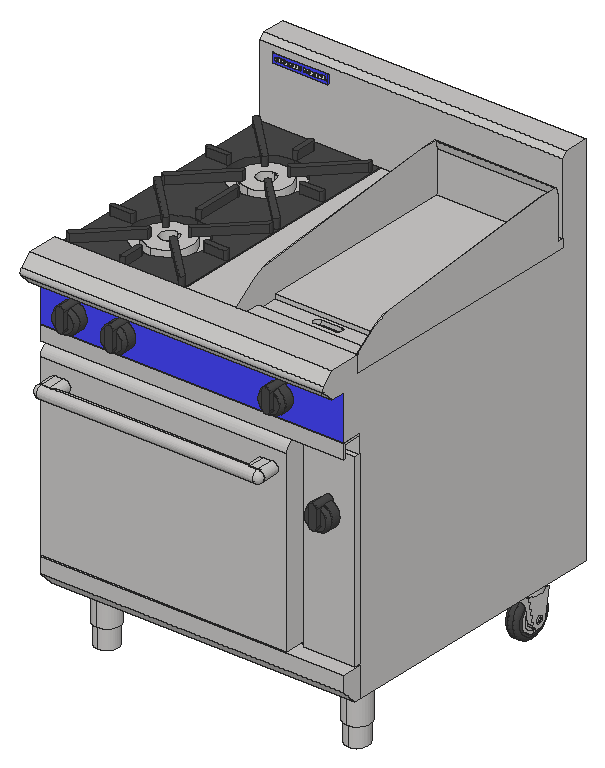
Revit family "QF_MOFFAT_BLUESEAL_CE_GE54C", category Specialty Equipment, Revit 2012
Parameters
  Width = 750 mm  # constant formula
  Weight in Pounds = 425
  Watts = 5600 W
  Volts = 400 V
  URL Cutsheet = "www.moffat.com"
  URL = "www.moffat.com"
  Type Mark [instance] = ""
  Status [instance] = ""
  Specification by User [instance] = ""
  Specification by Manufacturer = ""
  Show Logo [instance] = yes
  Show Clearance [instance] = yes
  Show Casters [instance] = yes
  Serial Number = ""
  Seismic Rating = ""
  SMACNA No = ""
  Revision Code [instance] = ""
  Phase = 3
  Omniclass Number and Title = ""
  Number of Poles [instance] = 1
  NAFEM Spec ID Number = ""
  Model = "GE54C"
  Min Ckt Ampacity = 0 A
  Mechanical Remarks [instance] = ""
  Mechanical Connection Type [instance] = ""
  Max Overcurrent Protection = 0 A
  Masterspec = ""
  Manufacturer = "MOFFAT BLUESEAL"
  Legs [instance] = not(Show Casters)  # no
  Item Number [instance] = ""
  Installed By [instance] = ""
  Identify Quantity as Lot [instance] = yes
  Height = 1085 mm  # constant formula
  HP = ""
  Gas Size = 3/4"
  Gas RI Height [instance] = 0 mm
  Gas KW = 21.1
  Gas Input [instance] = 72034.0 Btu/h
  Gas Connection Height = 0 mm
  Furnished By [instance] = ""
  Foodservice Equipment Identifier [instance] = yes
  FL Amps = 7.8 A
  Electrical Remarks = "7.8A PER PHASE"
  Electric Connection Type = ""
  Elec Conn RI Height = 0 mm
  Elec Conn Connection Height = 0 mm
  Description = "750MM GAS RANGE WITH ELECTRIC CONVECTION OVEN"
  Depth = 812 mm  # constant formula
  Cycle = 50 Hz
  Conn Plug = ""
  Conn Conduit = yes
  CSI MasterFormat = ""
  CSI Master Format = ""
  Apparent Power = 0 VA
Reference planes
  plane 1 "BACK": y = 0
  plane 2: z = 0
  plane 3 "LEFT": x = 0
  plane 4 "RIGHT": x = 750
  plane 5 "FRONT": y = -812
  plane 6 "TOP": z = 970
  plane 7 "Center Y": x = 375
  plane 8 "Center X": y = -406
  plane 9: y = -100
  plane 10 "Base Height": z = 150
  plane 11: x = 65.8
  plane 12: x = 620
  plane 13: x = 685
  plane 14: y = -500
  plane 15: x = 676
  plane 16: z = 1085
Forms (mm)
  Extrusion 1, solid, material "QF_Finishes_Stainless Steel"
    sketch origin (0, 0, 0) x (0, 1, 0) y (0, 0, 1)
      loop
        line (-784.97, 850) -> (-749, 850) -> (-749, 740) -> (-699, 740) -> (-699, 150) -> (0, 150) -> (0, 1085) -> (-57.5, 1085) -> (-70, 1072.5) -> (-70, 875) -> (-705, 875) -> (-705, 915) -> (-783.97, 915) -> (-808.469, 890.501)
        arc (-808.469, 890.501) -> (-811.99, 882) -> (-808.469, 873.499) r 12.022
        line (-808.469, 873.499) -> (-784.97, 850)
    from 0 to 750
  Extrusion 2, solid, material "QF_Finishes_Stainless Steel"
    sketch origin (555.062, 3, 100) x (1, 0, 0) y (0, 1, 0)
      loop
        circle (65, -35) r 13.5
    from 555 to 640
  Revolve 3, solid, material "QF_Finishes_Stainless Steel"
    sketch origin (65, -728, 0) x (0, 1, 0) y (0, 0, 1)
      loop
        line (71.25, 150) -> (71.25, 50) -> (75.5, 50) -> (75.5, 0) -> (103, 0) -> (103, 150) -> (71.25, 150)
      axis (103, 150) -> (103, 0)
    angle from 0 to 360
  Extrusion 4, solid, material "QF_Finishes_Black"
    sketch origin (0, -70, 875) x (0, -1, 0) y (1, 0, 0)
      loop
        arc (1, 4) -> (1.879, 1.879) -> (4, 1) r 3
        line (4, 1) -> (632, 1)
        arc (632, 1) -> (634.121, 1.879) -> (635, 4) r 3
        line (635, 4) -> (635, 297)
        arc (635, 297) -> (634.121, 299.121) -> (632, 300) r 3
        line (632, 300) -> (4, 300)
        arc (4, 300) -> (1.879, 299.121) -> (1, 297) r 3
        line (1, 297) -> (1, 4)
      loop
        circle (167.5, 150) r 85
      loop
        circle (467.768, 150) r 85
    from 0 to 19.5
  Extrusion 5, solid, material "QF_Finishes_Black"
    sketch origin (0, -73.5, 894.5) x (0, -1, 0) y (1, 0, 0)
      loop
        spline (323.602, 15.153) -> (322.681, 13.924) -> (322.131, 12.47) -> (321.99, 10.89) -> (322.267, 9.292) -> (322.943, 7.786) -> (323.973, 6.473) -> (325.286, 5.443) -> (326.792, 4.767) -> (328.39, 4.49) -> (329.97, 4.631) -> (331.424, 5.181) -> (332.653, 6.102)
        line (332.653, 6.102) -> (440.576, 114.025)
        spline (440.576, 114.025) -> (441.337, 115.095) -> (441.738, 116.399) -> (441.751, 117.851) -> (441.375, 119.35) -> (440.637, 120.795) -> (439.586, 122.086) -> (438.295, 123.137) -> (436.85, 123.875) -> (435.351, 124.251) -> (433.899, 124.238) -> (432.595, 123.837) -> (431.525, 123.076)
        line (431.525, 123.076) -> (323.602, 15.153)
      loop
        spline (371.852, 143.6) -> (373.146, 143.818) -> (374.352, 144.457) -> (375.388, 145.475) -> (376.182, 146.8) -> (376.682, 148.344) -> (376.852, 150) -> (376.682, 151.656) -> (376.182, 153.2) -> (375.388, 154.525) -> (374.352, 155.543) -> (373.146, 156.182) -> (371.852, 156.4)
        line (371.852, 156.4) -> (259.398, 156.4)
        spline (259.398, 156.4) -> (258.104, 156.182) -> (256.898, 155.543) -> (255.862, 154.525) -> (255.068, 153.2) -> (254.568, 151.656) -> (254.398, 150) -> (254.568, 148.344) -> (255.068, 146.8) -> (255.862, 145.475) -> (256.898, 144.457) -> (258.104, 143.818) -> (259.398, 143.6)
        line (259.398, 143.6) -> (371.852, 143.6)
      loop
        line (311.398, 15.153) -> (203.475, 123.076)
        spline (203.475, 123.076) -> (202.405, 123.837) -> (201.101, 124.238) -> (199.649, 124.251) -> (198.15, 123.875) -> (196.705, 123.137) -> (195.414, 122.086) -> (194.363, 120.795) -> (193.625, 119.35) -> (193.249, 117.851) -> (193.262, 116.399) -> (193.663, 115.095) -> (194.424, 114.025)
        line (194.424, 114.025) -> (302.347, 6.102)
        spline (302.347, 6.102) -> (303.416, 5.341) -> (304.721, 4.941) -> (306.172, 4.928) -> (307.671, 5.303) -> (309.116, 6.041) -> (310.408, 7.092) -> (311.459, 8.384) -> (312.197, 9.829) -> (312.572, 11.328) -> (312.559, 12.779) -> (312.159, 14.084) -> (311.398, 15.153)
      loop
        line (323.602, 284.847) -> (431.525, 176.924)
        spline (431.525, 176.924) -> (432.595, 176.163) -> (433.899, 175.762) -> (435.351, 175.749) -> (436.85, 176.125) -> (438.295, 176.863) -> (439.586, 177.914) -> (440.637, 179.205) -> (441.375, 180.65) -> (441.751, 182.149) -> (441.738, 183.601) -> (441.337, 184.905) -> (440.576, 185.975)
        line (440.576, 185.975) -> (332.653, 293.898)
        spline (332.653, 293.898) -> (331.424, 294.819) -> (329.97, 295.369) -> (328.39, 295.51) -> (326.792, 295.233) -> (325.286, 294.557) -> (323.973, 293.527) -> (322.943, 292.214) -> (322.267, 290.708) -> (321.99, 289.11) -> (322.131, 287.53) -> (322.681, 286.076) -> (323.602, 284.847)
      loop
        spline (311.398, 284.847) -> (312.159, 285.916) -> (312.559, 287.221) -> (312.572, 288.672) -> (312.197, 290.171) -> (311.459, 291.616) -> (310.408, 292.908) -> (309.116, 293.959) -> (307.671, 294.697) -> (306.172, 295.072) -> (304.721, 295.059) -> (303.416, 294.659) -> (302.347, 293.898)
        line (302.347, 293.898) -> (194.424, 185.975)
        spline (194.424, 185.975) -> (193.663, 184.905) -> (193.262, 183.601) -> (193.249, 182.149) -> (193.625, 180.65) -> (194.363, 179.205) -> (195.414, 177.914) -> (196.705, 176.863) -> (198.15, 176.125) -> (199.649, 175.749) -> (201.101, 175.762) -> (202.405, 176.163) -> (203.475, 176.924)
        line (203.475, 176.924) -> (311.398, 284.847)
      loop
        spline (73.549, 143.6) -> (74.844, 143.818) -> (76.049, 144.457) -> (77.085, 145.475) -> (77.88, 146.8) -> (78.379, 148.344) -> (78.549, 150) -> (78.379, 151.656) -> (77.88, 153.2) -> (77.085, 154.525) -> (76.049, 155.543) -> (74.844, 156.182) -> (73.549, 156.4)
        line (73.549, 156.4) -> (25.093, 156.4)
        spline (25.093, 156.4) -> (23.799, 156.182) -> (22.593, 155.543) -> (21.558, 154.525) -> (20.763, 153.2) -> (20.264, 151.656) -> (20.093, 150) -> (20.264, 148.344) -> (20.763, 146.8) -> (21.558, 145.475) -> (22.593, 144.457) -> (23.799, 143.818) -> (25.093, 143.6)
        line (25.093, 143.6) -> (73.549, 143.6)
      loop
        spline (608.1, 143.6) -> (609.394, 143.818) -> (610.6, 144.457) -> (611.636, 145.475) -> (612.43, 146.8) -> (612.93, 148.344) -> (613.1, 150) -> (612.93, 151.656) -> (612.43, 153.2) -> (611.636, 154.525) -> (610.6, 155.543) -> (609.394, 156.182) -> (608.1, 156.4)
        line (608.1, 156.4) -> (558.644, 156.4)
        spline (558.644, 156.4) -> (557.35, 156.182) -> (556.144, 155.543) -> (555.108, 154.525) -> (554.314, 153.2) -> (553.814, 151.656) -> (553.644, 150) -> (553.814, 148.344) -> (554.314, 146.8) -> (555.108, 145.475) -> (556.144, 144.457) -> (557.35, 143.818) -> (558.644, 143.6)
        line (558.644, 143.6) -> (608.1, 143.6)
      loop
        spline (457.6, 10.156) -> (457.818, 8.862) -> (458.457, 7.656) -> (459.475, 6.62) -> (460.8, 5.826) -> (462.344, 5.326) -> (464, 5.156) -> (465.656, 5.326) -> (467.2, 5.826) -> (468.525, 6.62) -> (469.543, 7.656) -> (470.182, 8.862) -> (470.4, 10.156)
        line (470.4, 10.156) -> (470.4, 58.612)
        spline (470.4, 58.612) -> (470.182, 59.906) -> (469.543, 61.112) -> (468.525, 62.148) -> (467.2, 62.942) -> (465.656, 63.442) -> (464, 63.612) -> (462.344, 63.442) -> (460.8, 62.942) -> (459.475, 62.148) -> (458.457, 61.112) -> (457.818, 59.906) -> (457.6, 58.612)
        line (457.6, 58.612) -> (457.6, 10.156)
      loop
        spline (160.966, 10.156) -> (161.184, 8.862) -> (161.823, 7.656) -> (162.841, 6.62) -> (164.166, 5.826) -> (165.71, 5.326) -> (167.366, 5.156) -> (169.022, 5.326) -> (170.566, 5.826) -> (171.892, 6.62) -> (172.909, 7.656) -> (173.548, 8.862) -> (173.766, 10.156)
        line (173.766, 10.156) -> (173.766, 58.612)
        spline (173.766, 58.612) -> (173.548, 59.906) -> (172.909, 61.112) -> (171.892, 62.148) -> (170.566, 62.942) -> (169.022, 63.442) -> (167.366, 63.612) -> (165.71, 63.442) -> (164.166, 62.942) -> (162.841, 62.148) -> (161.823, 61.112) -> (161.184, 59.906) -> (160.966, 58.612)
        line (160.966, 58.612) -> (160.966, 10.156)
      loop
        spline (457.6, 241.636) -> (457.818, 240.342) -> (458.457, 239.136) -> (459.475, 238.1) -> (460.8, 237.306) -> (462.344, 236.806) -> (464, 236.636) -> (465.656, 236.806) -> (467.2, 237.306) -> (468.525, 238.1) -> (469.543, 239.136) -> (470.182, 240.342) -> (470.4, 241.636)
        line (470.4, 241.636) -> (470.4, 290.092)
        spline (470.4, 290.092) -> (470.182, 291.386) -> (469.543, 292.592) -> (468.525, 293.628) -> (467.2, 294.422) -> (465.656, 294.922) -> (464, 295.092) -> (462.344, 294.922) -> (460.8, 294.422) -> (459.475, 293.628) -> (458.457, 292.592) -> (457.818, 291.386) -> (457.6, 290.092)
        line (457.6, 290.092) -> (457.6, 241.636)
      loop
        spline (160.966, 241.636) -> (161.184, 240.342) -> (161.823, 239.136) -> (162.841, 238.1) -> (164.166, 237.306) -> (165.71, 236.806) -> (167.366, 236.636) -> (169.022, 236.806) -> (170.566, 237.306) -> (171.892, 238.1) -> (172.909, 239.136) -> (173.548, 240.342) -> (173.766, 241.636)
        line (173.766, 241.636) -> (173.766, 290.092)
        spline (173.766, 290.092) -> (173.548, 291.386) -> (172.909, 292.592) -> (171.892, 293.628) -> (170.566, 294.422) -> (169.022, 294.922) -> (167.366, 295.092) -> (165.71, 294.922) -> (164.166, 294.422) -> (162.841, 293.628) -> (161.823, 292.592) -> (161.184, 291.386) -> (160.966, 290.092)
        line (160.966, 290.092) -> (160.966, 241.636)
      loop
        line (604.398, 15.153) -> (496.475, 123.076)
        spline (496.475, 123.076) -> (495.405, 123.837) -> (494.101, 124.238) -> (492.649, 124.251) -> (491.15, 123.875) -> (489.705, 123.137) -> (488.414, 122.086) -> (487.363, 120.795) -> (486.625, 119.35) -> (486.249, 117.851) -> (486.262, 116.399) -> (486.663, 115.095) -> (487.424, 114.025)
        line (487.424, 114.025) -> (595.347, 6.102)
        spline (595.347, 6.102) -> (596.576, 5.181) -> (598.03, 4.631) -> (599.61, 4.49) -> (601.208, 4.767) -> (602.714, 5.443) -> (604.027, 6.473) -> (605.057, 7.786) -> (605.733, 9.292) -> (606.01, 10.89) -> (605.869, 12.47) -> (605.319, 13.924) -> (604.398, 15.153)
      loop
        spline (604.398, 284.847) -> (605.319, 286.076) -> (605.869, 287.53) -> (606.01, 289.11) -> (605.733, 290.708) -> (605.057, 292.214) -> (604.027, 293.527) -> (602.714, 294.557) -> (601.208, 295.233) -> (599.61, 295.51) -> (598.03, 295.369) -> (596.576, 294.819) -> (595.347, 293.898)
        line (595.347, 293.898) -> (487.424, 185.975)
        spline (487.424, 185.975) -> (486.663, 184.905) -> (486.262, 183.601) -> (486.249, 182.149) -> (486.625, 180.65) -> (487.363, 179.205) -> (488.414, 177.914) -> (489.705, 176.863) -> (491.15, 176.125) -> (492.649, 175.749) -> (494.101, 175.762) -> (495.405, 176.163) -> (496.475, 176.924)
        line (496.475, 176.924) -> (604.398, 284.847)
      loop
        spline (16.602, 15.153) -> (15.841, 14.084) -> (15.441, 12.779) -> (15.428, 11.328) -> (15.803, 9.829) -> (16.541, 8.384) -> (17.592, 7.092) -> (18.884, 6.041) -> (20.329, 5.303) -> (21.828, 4.928) -> (23.279, 4.941) -> (24.584, 5.341) -> (25.653, 6.102)
        line (25.653, 6.102) -> (133.576, 114.025)
        spline (133.576, 114.025) -> (134.337, 115.095) -> (134.738, 116.399) -> (134.751, 117.851) -> (134.375, 119.35) -> (133.637, 120.795) -> (132.586, 122.086) -> (131.295, 123.137) -> (129.85, 123.875) -> (128.351, 124.251) -> (126.899, 124.238) -> (125.595, 123.837) -> (124.525, 123.076)
        line (124.525, 123.076) -> (16.602, 15.153)
      loop
        line (16.602, 284.847) -> (124.525, 176.924)
        spline (124.525, 176.924) -> (125.595, 176.163) -> (126.899, 175.762) -> (128.351, 175.749) -> (129.85, 176.125) -> (131.295, 176.863) -> (132.586, 177.914) -> (133.637, 179.205) -> (134.375, 180.65) -> (134.751, 182.149) -> (134.738, 183.601) -> (134.337, 184.905) -> (133.576, 185.975)
        line (133.576, 185.975) -> (25.653, 293.898)
        spline (25.653, 293.898) -> (24.584, 294.659) -> (23.279, 295.059) -> (21.828, 295.072) -> (20.329, 294.697) -> (18.884, 293.959) -> (17.592, 292.908) -> (16.541, 291.616) -> (15.803, 290.171) -> (15.428, 288.672) -> (15.441, 287.221) -> (15.841, 285.916) -> (16.602, 284.847)
    from 0 to 20.5
  Revolve 6, solid, material "QF_Finishes_Stainless Steel"
    sketch origin (685, -728, 0) x (0, 1, 0) y (0, 0, -1)
      loop
        line (71.25, -150) -> (103, -150) -> (103, 0) -> (75.5, 0) -> (75.5, -50) -> (71.25, -50) -> (71.25, -150)
      axis (103, -150) -> (103, 0)
    angle from 0 to 360
  Extrusion 7, solid, material "QF_Finishes_Stainless Steel"
    sketch origin (0, -70, 875) x (0, -1, 0) y (1, 0, 0)
      loop
        line (634, 300) -> (634, 450) -> (0, 450) -> (0, 300) -> (634, 300)
    from 0 to 19.5
  Extrusion 8, void
    sketch origin (0, -749, 227.5) x (0, 0, -1) y (-1, 0, 0)
      loop
        line (-465, -610) -> (-465, -625) -> (0, -625) -> (0, -610) -> (-465, -610)
    from -7 to 50
  Revolve 9, solid, material "QF_Finishes_Black"
    sketch origin (210, 7, 758.895) x (0, -1, 0) y (0, 0, 1)
      loop
        line (789, 69.605) -> (766, 69.605) -> (766, 42.105) -> (756, 42.105) -> (756, 37.105) -> (800, 37.105) -> (800, 63.757) -> (789, 69.605)
      axis (800, 37.105) -> (756, 37.105)
    angle from 0 to 360
  Revolve 10, solid, material "QF_Finishes_Black"
    sketch origin (89.999, 7, 758.768) x (0, 1, 0) y (0, 0, -1)
      loop
        line (-789, -69.5) -> (-766, -69.5) -> (-766, -42) -> (-756, -42) -> (-756, -37) -> (-800, -37) -> (-800, -63.651) -> (-789, -69.5)
      axis (-800, -37) -> (-756, -37)
    angle from 0 to 360
  Extrusion 11, solid, material "QF_Finishes_Black"
    sketch origin (228.269, 7, 758.926) x (-1, 0, 0) y (0, 0, -1)
      loop
        arc (148.269, -24.969) -> (138.269, -14.969) -> (128.269, -24.969) r 10
        line (128.269, -24.969) -> (128.269, -63.969)
        arc (128.269, -63.969) -> (138.269, -73.969) -> (148.269, -63.969) r 10
        line (148.269, -63.969) -> (148.269, -24.969)
    from 759 to 808
  Extrusion 12, solid, material "QF_Finishes_Black"
    sketch origin (349.45, 7, 758.926) x (-1, 0, 0) y (0, 0, -1)
      loop
        arc (148.269, -24.969) -> (138.269, -14.969) -> (128.269, -24.969) r 10
        line (128.269, -24.969) -> (128.269, -63.969)
        arc (128.269, -63.969) -> (138.269, -73.969) -> (148.269, -63.969) r 10
        line (148.269, -63.969) -> (148.269, -24.969)
    from 759 to 808
  Revolve 13, solid, material "QF_Finishes_Black"
    sketch origin (600.3, 7, 758.768) x (0, 1, 0) y (0, 0, 1)
      loop
        line (-789, 69.5) -> (-800, 63.651) -> (-800, 37) -> (-756, 37) -> (-756, 42) -> (-766, 42) -> (-766, 69.5) -> (-789, 69.5)
      axis (-800, 37) -> (-756, 37)
    angle from 0 to 360
  Extrusion 14, solid, material "QF_Finishes_Black"
    sketch origin (462.03, 7, 758.926) x (1, 0, 0) y (0, 0, 1)
      loop
        line (148.269, 24.969) -> (148.269, 63.969)
        arc (148.269, 63.969) -> (138.269, 73.969) -> (128.269, 63.969) r 10
        line (128.269, 63.969) -> (128.269, 24.969)
        arc (128.269, 24.969) -> (138.269, 14.969) -> (148.269, 24.969) r 10
    from 759 to 808
  Revolve 15, solid, material "QF_Finishes_Black"
    sketch origin (687.53, 42.5, 355.134) x (0, 1, 0) y (0, 0, 1)
      loop
        line (-789, 229.5) -> (-800, 223.651) -> (-800, 197) -> (-756, 197) -> (-756, 202) -> (-766, 202) -> (-766, 229.5) -> (-789, 229.5)
      axis (-800, 197) -> (-756, 197)
    angle from 0 to 360
  Extrusion 16, solid, material "QF_Finishes_Black"
    sketch origin (549.26, 42.5, 355.292) x (1, 0, 0) y (0, 0, 1)
      loop
        line (148.269, 184.969) -> (148.269, 223.969)
        arc (148.269, 223.969) -> (138.269, 233.969) -> (128.269, 223.969) r 10
        line (128.269, 223.969) -> (128.269, 184.969)
        arc (128.269, 184.969) -> (138.269, 174.969) -> (148.269, 184.969) r 10
    from 759 to 808
  Extrusion 17, solid, material "QF_Door-Drawer Clearances", visible <- "Show Clearance", detail levels coarse
    sketch origin (0, 7, 0) x (0, -1, 0) y (0, 0, 1)
      loop
        line (756, 690.016) -> (756, 227.5) -> (1218.516, 227.5)
        arc (1218.516, 227.5) -> (1083.048, 554.548) -> (756, 690.016) r 462.516
    from 0 to -610
  Extrusion 18, void
    sketch origin (0, 0, 150) x (-1, 0, 0) y (0, -1, 0)
      loop
        line (-681, 87.26) -> (-681, -30.24) -> (-551.5, -30.24) -> (-551.5, 38.76) -> (-600, 87.26) -> (-681, 87.26)
    from 72.5 to 590
  Extrusion 19, void
    sketch origin (35, -749, 227.5) x (0, 0, -1) y (-1, 0, 0)
      loop
        line (-472.5, -590) -> (-472.5, -715) -> (0, -715) -> (0, -590) -> (-472.5, -590)
    from -7 to 35
  Extrusion 20, solid, material "QF_Finishes_Stainless Steel"
    sketch origin (0, -70, 875) x (0, -1, 0) y (1, 0, 0)
      loop
        circle (467.5, 150) r 57
      loop
        circle (167.5, 150) r 57
      loop
        circle (467.5, 150) r 22
      loop
        circle (167.5, 150) r 22
    from 0 to 19.5
  Extrusion 21, solid, material "QF_Finishes_Stainless Steel"
    sketch origin (0, -749, 227.5) x (0, 0, 1) y (-1, 0, 0)
      loop
        line (380.625, -38.246) -> (380.625, -58.528)
        arc (380.625, -58.528) -> (395.625, -73.528) -> (410.625, -58.528) r 15
        line (410.625, -58.528) -> (410.625, -38.246)
        arc (410.625, -38.246) -> (395.625, -23.246) -> (380.625, -38.246) r 15
      loop
        arc (380.625, -573.039) -> (395.625, -588.039) -> (410.625, -573.039) r 15
        line (410.625, -573.039) -> (410.625, -552.757)
        arc (410.625, -552.757) -> (395.625, -537.757) -> (380.625, -552.757) r 15
        line (380.625, -552.757) -> (380.625, -573.039)
    from 0 to 44
  Revolve 22, solid, material "QF_Finishes_Stainless Steel"
    sketch origin (0, -793, 0) x (1, 0, 0) y (0, 0, 1)
      loop
        arc (588.039, 623.125) -> (583.646, 633.732) -> (573.039, 638.125) r 15
        line (573.039, 638.125) -> (38.246, 638.125)
        arc (38.246, 638.125) -> (27.64, 633.732) -> (23.246, 623.125) r 15
        line (23.246, 623.125) -> (588.039, 623.125)
      axis (588.039, 623.125) -> (23.246, 623.125)
    angle from 0 to 360
  Extrusion 23, solid, material "QF_Finishes_Stainless Steel"
    sketch origin (0, 7, 0) x (0, 1, 0) y (0, 0, 1)
      loop
        line (-706, 227.5) -> (-706, 692.5) -> (-729.805, 692.5)
        arc (-729.805, 692.5) -> (-748.328, 684.828) -> (-756, 666.305) r 26.195
        line (-756, 666.305) -> (-756, 227.5) -> (-706, 227.5)
    from 0 to 750
  Extrusion 24, solid, material "QF_Finishes_Stainless Steel"
    sketch origin (0, 7, 0) x (0, 1, 0) y (0, 0, 1)
      loop
        line (-756, 738) -> (-756, 703) -> (-752.98, 703) -> (-752.98, 735) -> (-708, 735) -> (-708, 738) -> (-756, 738)
    from 0 to 750
  Extrusion 25, solid, material "QF_Finishes_Stainless Steel"
    sketch origin (0, 7, 0) x (0, 1, 0) y (0, 0, 1)
      loop
        line (-706, 222.5) -> (-756, 222.5) -> (-756, 186) -> (-720, 150) -> (-706, 150) -> (-706, 222.5)
    from 0 to 750
  Extrusion 26, solid, material "QF_Finishes_Stainless Steel"
    sketch origin (0, 0, 150) x (-1, 0, 0) y (0, -1, 0)
      loop
        circle (-676, 501) r 6.35
    from 0 to -1.6
  Extrusion 27, solid, material "QF_Finishes_Stainless Steel", visible <- "Show Casters"
    sketch origin (71.501, 133.353, -8.783) x (0, 1, 0) y (0, 0, 1)
      loop
        line (-201.603, 118.783) -> (-265.103, 118.783) -> (-252.746, 53.895)
        arc (-252.746, 53.895) -> (-233.353, 38.783) -> (-213.959, 53.895) r 20
        line (-213.959, 53.895) -> (-201.603, 118.783)
    from -35.667 to 22.923
  Revolve 28, solid, material "QF_Finishes_Stainless Steel", visible <- "Show Casters"
    sketch origin (65, -203, 0) x (0, 1, 0) y (0, 0, 1)
      loop
        line (67.25, 150) -> (67.25, 110) -> (103, 110) -> (103, 150) -> (67.25, 150)
      axis (103, 150) -> (103, 110)
    angle from 0 to 360
  Revolve 29, solid, material "QF_Finishes_Stainless Steel", visible <- "Show Casters"
    sketch origin (685, -203, 0) x (0, 1, 0) y (0, 0, -1)
      loop
        line (67.25, -150) -> (103, -150) -> (103, -110) -> (67.25, -110) -> (67.25, -150)
      axis (103, -150) -> (103, -110)
    angle from 0 to 360
  Revolve 30, solid, material "QF_Finishes_Stainless Steel", visible <- "Show Casters"
    sketch origin (635.776, -99.755, -13.653) x (1, 0, 0) y (0, 0, 1)
      loop
        line (14.841, 64.453) -> (83.584, 64.453) -> (83.584, 67.958) -> (82.314, 69.228) -> (80.79, 69.228) -> (80.79, 72.674) -> (68.644, 72.674) -> (68.644, 82.639) -> (65.088, 84.692) -> (63.738, 93.028) -> (65.881, 93.028) -> (65.881, 99.378) -> (65.088, 99.378) -> (65.088, 105.728)
        arc (65.088, 105.728) -> (62.298, 112.463) -> (55.563, 115.253) r 9.525
        line (55.563, 115.253) -> (42.863, 115.253)
        arc (42.863, 115.253) -> (36.127, 112.463) -> (33.338, 105.728) r 9.525
        line (33.338, 105.728) -> (33.338, 99.378) -> (32.544, 99.378) -> (32.544, 93.028) -> (34.687, 93.028) -> (33.352, 84.781) -> (29.782, 82.719) -> (29.782, 72.674) -> (17.635, 72.674) -> (17.635, 69.228) -> (16.111, 69.228) -> (14.841, 67.958) -> (14.841, 64.453)
      axis (14.841, 64.453) -> (83.584, 64.453)
    angle from 0 to 360
  Extrusion 31, solid, material "QF_Finishes_Stainless Steel", visible <- "Show Casters"
    sketch origin (691.501, 133.353, -8.783) x (0, 1, 0) y (0, 0, 1)
      loop
        line (-201.603, 118.783) -> (-265.103, 118.783) -> (-252.746, 53.895)
        arc (-252.746, 53.895) -> (-233.353, 38.783) -> (-213.959, 53.895) r 20
        line (-213.959, 53.895) -> (-201.603, 118.783)
    from -35.667 to 22.923
  Revolve 32, solid, material "QF_Finishes_Stainless Steel", visible <- "Legs"
    sketch origin (65, -165, 0) x (0, 1, 0) y (0, 0, 1)
      loop
        line (33.25, 150) -> (33.25, 50) -> (37.5, 50) -> (37.5, 0) -> (65, 0) -> (65, 150) -> (33.25, 150)
      axis (65, 150) -> (65, 0)
    angle from 0 to 360
  Revolve 33, solid, material "QF_Finishes_Stainless Steel", visible <- "Legs"
    sketch origin (685, -165, 0) x (0, 1, 0) y (0, 0, -1)
      loop
        line (33.25, -150) -> (65, -150) -> (65, 0) -> (37.5, 0) -> (37.5, -50) -> (33.25, -50) -> (33.25, -150)
      axis (65, -150) -> (65, 0)
    angle from 0 to 360
  Revolve 34, solid, material "QF_Finishes_Stainless Steel", visible <- "Show Casters"
    sketch origin (114.224, -99.755, -13.653) x (-1, 0, 0) y (0, 0, -1)
      loop
        line (14.841, -64.453) -> (14.841, -67.958) -> (16.111, -69.228) -> (17.635, -69.228) -> (17.635, -72.674) -> (29.782, -72.674) -> (29.782, -82.719) -> (33.352, -84.781) -> (34.687, -93.028) -> (32.544, -93.028) -> (32.544, -99.378) -> (33.338, -99.378) -> (33.338, -105.728)
        arc (33.338, -105.728) -> (36.127, -112.463) -> (42.863, -115.253) r 9.525
        line (42.863, -115.253) -> (55.563, -115.253)
        arc (55.563, -115.253) -> (62.298, -112.463) -> (65.088, -105.728) r 9.525
        line (65.088, -105.728) -> (65.088, -99.378) -> (65.881, -99.378) -> (65.881, -93.028) -> (63.738, -93.028) -> (65.088, -84.692) -> (68.644, -82.639) -> (68.644, -72.674) -> (80.79, -72.674) -> (80.79, -69.228) -> (82.314, -69.228) -> (83.584, -67.958) -> (83.584, -64.453) -> (14.841, -64.453)
      axis (14.841, -64.453) -> (83.584, -64.453)
    angle from 0 to 360
Cuts and joins
  Extrusion 8, Extrusion 18, Extrusion 19 cuts Extrusion 1
  Extrusion 8, Extrusion 19 cuts Extrusion 23
Lines and regions (mm)
  Split face 1
    outline origin (0, -70, 894.5) x (0, -1, 0) y (1, 0, 0)
      loop
        circle (45.037, 327.576) r 8
  Split face 2
    outline origin (47.424, -70, 894.5) x (0, -1, 0) y (1, 0, 0)
      loop
        circle (45.037, 327.576) r 8
  Split face 3
    outline origin (750, -70, 894.5) x (0, -1, 0) y (1, 0, 0)
      loop
        circle (45.037, -327.576) r 8
  Split face 4
    outline origin (0, -104, 894.5) x (0, -1, 0) y (1, 0, 0)
      loop
        circle (45.037, 327.576) r 8
  Split face 5
    outline origin (47.424, -104, 894.5) x (0, -1, 0) y (1, 0, 0)
      loop
        circle (45.037, 327.576) r 8
  Split face 6
    outline origin (750, -104, 894.5) x (0, -1, 0) y (1, 0, 0)
      loop
        circle (45.037, -327.576) r 8
  Split face 7
    outline origin (0, -138, 894.5) x (0, -1, 0) y (1, 0, 0)
      loop
        circle (45.037, 327.576) r 8
  Split face 8
    outline origin (47.424, -138, 894.5) x (0, -1, 0) y (1, 0, 0)
      loop
        circle (45.037, 327.576) r 8
  Split face 9
    outline origin (750, -138, 894.5) x (0, -1, 0) y (1, 0, 0)
      loop
        circle (45.037, -327.576) r 8
  Split face 10
    outline origin (0, -172, 894.5) x (0, -1, 0) y (1, 0, 0)
      loop
        circle (45.037, 327.576) r 8
  Split face 11
    outline origin (47.424, -172, 894.5) x (0, -1, 0) y (1, 0, 0)
      loop
        circle (45.037, 327.576) r 8
  Split face 12
    outline origin (750, -172, 894.5) x (0, -1, 0) y (1, 0, 0)
      loop
        circle (45.037, -327.576) r 8
  Split face 13
    outline origin (0, -206, 894.5) x (0, -1, 0) y (1, 0, 0)
      loop
        circle (45.037, 327.576) r 8
  Split face 14
    outline origin (47.424, -206, 894.5) x (0, -1, 0) y (1, 0, 0)
      loop
        circle (45.037, 327.576) r 8
  Split face 15
    outline origin (750, -206, 894.5) x (0, -1, 0) y (1, 0, 0)
      loop
        circle (45.037, -327.576) r 8
  Split face 16
    outline origin (0, -240, 894.5) x (0, -1, 0) y (1, 0, 0)
      loop
        circle (45.037, 327.576) r 8
  Split face 17
    outline origin (47.424, -240, 894.5) x (0, -1, 0) y (1, 0, 0)
      loop
        circle (45.037, 327.576) r 8
  Split face 18
    outline origin (750, -240, 894.5) x (0, -1, 0) y (1, 0, 0)
      loop
        circle (45.037, -327.576) r 8
  Split face 19
    outline origin (0, -274, 894.5) x (0, -1, 0) y (1, 0, 0)
      loop
        circle (45.037, 327.576) r 8
  Split face 20
    outline origin (47.424, -274, 894.5) x (0, -1, 0) y (1, 0, 0)
      loop
        circle (45.037, 327.576) r 8
  Split face 21
    outline origin (750, -274, 894.5) x (0, -1, 0) y (1, 0, 0)
      loop
        circle (45.037, -327.576) r 8
  Split face 22
    outline origin (0, -308, 894.5) x (0, -1, 0) y (1, 0, 0)
      loop
        circle (45.037, 327.576) r 8
  Split face 23
    outline origin (47.424, -308, 894.5) x (0, -1, 0) y (1, 0, 0)
      loop
        circle (45.037, 327.576) r 8
  Split face 24
    outline origin (750, -308, 894.5) x (0, -1, 0) y (1, 0, 0)
      loop
        circle (45.037, -327.576) r 8
  Split face 25
    outline origin (0, -342, 894.5) x (0, -1, 0) y (1, 0, 0)
      loop
        circle (45.037, 327.576) r 8
  Split face 26
    outline origin (47.424, -342, 894.5) x (0, -1, 0) y (1, 0, 0)
      loop
        circle (45.037, 327.576) r 8
  Split face 27
    outline origin (750, -342, 894.5) x (0, -1, 0) y (1, 0, 0)
      loop
        circle (45.037, -327.576) r 8
  Split face 28
    outline origin (0, -376, 894.5) x (0, -1, 0) y (1, 0, 0)
      loop
        circle (45.037, 327.576) r 8
  Split face 29
    outline origin (47.424, -376, 894.5) x (0, -1, 0) y (1, 0, 0)
      loop
        circle (45.037, 327.576) r 8
  Split face 30
    outline origin (750, -376, 894.5) x (0, -1, 0) y (1, 0, 0)
      loop
        circle (45.037, -327.576) r 8
  Split face 31
    outline origin (0, -410, 894.5) x (0, -1, 0) y (1, 0, 0)
      loop
        circle (45.037, 327.576) r 8
  Split face 32
    outline origin (47.424, -410, 894.5) x (0, -1, 0) y (1, 0, 0)
      loop
        circle (45.037, 327.576) r 8
  Split face 33
    outline origin (750, -410, 894.5) x (0, -1, 0) y (1, 0, 0)
      loop
        circle (45.037, -327.576) r 8
  Split face 34
    outline origin (0, -444, 894.5) x (0, -1, 0) y (1, 0, 0)
      loop
        circle (45.037, 327.576) r 8
  Split face 35
    outline origin (47.424, -444, 894.5) x (0, -1, 0) y (1, 0, 0)
      loop
        circle (45.037, 327.576) r 8
  Split face 36
    outline origin (750, -444, 894.5) x (0, -1, 0) y (1, 0, 0)
      loop
        circle (45.037, -327.576) r 8
  Split face 37
    outline origin (0, -478, 894.5) x (0, -1, 0) y (1, 0, 0)
      loop
        circle (45.037, 327.576) r 8
  Split face 38
    outline origin (47.424, -478, 894.5) x (0, -1, 0) y (1, 0, 0)
      loop
        circle (45.037, 327.576) r 8
  Split face 39
    outline origin (750, -478, 894.5) x (0, -1, 0) y (1, 0, 0)
      loop
        circle (45.037, -327.576) r 8
  Split face 40
    outline origin (0, -512, 894.5) x (0, -1, 0) y (1, 0, 0)
      loop
        circle (45.037, 327.576) r 8
  Split face 41
    outline origin (47.424, -512, 894.5) x (0, -1, 0) y (1, 0, 0)
      loop
        circle (45.037, 327.576) r 8
  Split face 42
    outline origin (750, -512, 894.5) x (0, -1, 0) y (1, 0, 0)
      loop
        circle (45.037, -327.576) r 8
  Split face 43
    outline origin (0, -546, 894.5) x (0, -1, 0) y (1, 0, 0)
      loop
        circle (45.037, 327.576) r 8
  Split face 44
    outline origin (47.424, -546, 894.5) x (0, -1, 0) y (1, 0, 0)
      loop
        circle (45.037, 327.576) r 8
  Split face 45
    outline origin (750, -546, 894.5) x (0, -1, 0) y (1, 0, 0)
      loop
        circle (45.037, -327.576) r 8
  Split face 46
    outline origin (0, -580, 894.5) x (0, -1, 0) y (1, 0, 0)
      loop
        circle (45.037, 327.576) r 8
  Split face 47
    outline origin (47.424, -580, 894.5) x (0, -1, 0) y (1, 0, 0)
      loop
        circle (45.037, 327.576) r 8
  Split face 48
    outline origin (750, -580, 894.5) x (0, -1, 0) y (1, 0, 0)
      loop
        circle (45.037, -327.576) r 8
  Split face 49
    outline origin (0, -614, 894.5) x (0, -1, 0) y (1, 0, 0)
      loop
        circle (45.037, 327.576) r 8
  Split face 50
    outline origin (47.424, -614, 894.5) x (0, -1, 0) y (1, 0, 0)
      loop
        circle (45.037, 327.576) r 8
  Split face 51
    outline origin (750, -614, 894.5) x (0, -1, 0) y (1, 0, 0)
      loop
        circle (45.037, -327.576) r 8
  Split face 52
    outline origin (750, 0, 1085) x (-1, 0, 0) y (0, -1, 0)
      loop
        arc (485.206, 45.385) -> (476.545, 40.385) -> (476.545, 30.385) r 10
        line (476.545, 30.385) -> (480.587, 23.385)
        arc (480.587, 23.385) -> (484.247, 19.725) -> (489.247, 18.385) r 10
        line (489.247, 18.385) -> (717.206, 18.385)
        arc (717.206, 18.385) -> (725.866, 23.385) -> (725.866, 33.385) r 10
        line (725.866, 33.385) -> (721.824, 40.385)
        arc (721.824, 40.385) -> (718.164, 44.045) -> (713.164, 45.385) r 10
        line (713.164, 45.385) -> (485.206, 45.385)
  Split face 53
    outline origin (750, 0, 1085) x (-1, 0, 0) y (0, -1, 0)
      loop
        arc (35.206, 45.385) -> (26.545, 40.385) -> (26.545, 30.385) r 10
        line (26.545, 30.385) -> (30.587, 23.385)
        arc (30.587, 23.385) -> (34.247, 19.725) -> (39.247, 18.385) r 10
        line (39.247, 18.385) -> (267.206, 18.385)
        arc (267.206, 18.385) -> (275.866, 23.385) -> (275.866, 33.385) r 10
        line (275.866, 33.385) -> (271.824, 40.385)
        arc (271.824, 40.385) -> (268.164, 44.045) -> (263.164, 45.385) r 10
        line (263.164, 45.385) -> (35.206, 45.385)
  symbolic lines
    curve 1: line (0, 0, 0) -> (0, -812, 0)
    curve 2: line (750, 0, 0) -> (0, 0, 0)
    curve 3: line (750, -812, 0) -> (750, 0, 0)
    curve 4: line (0, -812, 0) -> (750, -812, 0)
    curve 5: line (750, -705, 0) -> (0, -705, 0)
    curve 6: line (0, -70, 0) -> (750, -70, 0)
    curve 7: line (0, -391, 0) -> (300, -391, 0)
    curve 8: arc (327.576, -123.037, 0) -> (335.576, -115.037, 0) -> (327.576, -107.037, 0) r 8
    curve 9: arc (327.576, -107.037, 0) -> (319.576, -115.037, 0) -> (327.576, -123.037, 0) r 8
    curve 10: arc (375, -123.037, 0) -> (383, -115.037, 0) -> (375, -107.037, 0) r 8
    curve 11: arc (375, -107.037, 0) -> (367, -115.037, 0) -> (375, -123.037, 0) r 8
    curve 12: arc (422.424, -123.037, 0) -> (430.424, -115.037, 0) -> (422.424, -107.037, 0) r 8
    curve 13: arc (422.424, -107.037, 0) -> (414.424, -115.037, 0) -> (422.424, -123.037, 0) r 8
    curve 14: arc (327.576, -157.037, 0) -> (335.576, -149.037, 0) -> (327.576, -141.037, 0) r 8
    curve 15: arc (327.576, -141.037, 0) -> (319.576, -149.037, 0) -> (327.576, -157.037, 0) r 8
    curve 16: arc (375, -157.037, 0) -> (383, -149.037, 0) -> (375, -141.037, 0) r 8
    curve 17: arc (375, -141.037, 0) -> (367, -149.037, 0) -> (375, -157.037, 0) r 8
    curve 18: arc (422.424, -157.037, 0) -> (430.424, -149.037, 0) -> (422.424, -141.037, 0) r 8
    curve 19: arc (422.424, -141.037, 0) -> (414.424, -149.037, 0) -> (422.424, -157.037, 0) r 8
    curve 20: arc (327.576, -191.037, 0) -> (335.576, -183.037, 0) -> (327.576, -175.037, 0) r 8
    curve 21: arc (327.576, -175.037, 0) -> (319.576, -183.037, 0) -> (327.576, -191.037, 0) r 8
    curve 22: arc (375, -191.037, 0) -> (383, -183.037, 0) -> (375, -175.037, 0) r 8
    curve 23: arc (375, -175.037, 0) -> (367, -183.037, 0) -> (375, -191.037, 0) r 8
    curve 24: arc (422.424, -191.037, 0) -> (430.424, -183.037, 0) -> (422.424, -175.037, 0) r 8
    curve 25: arc (422.424, -175.037, 0) -> (414.424, -183.037, 0) -> (422.424, -191.037, 0) r 8
    curve 26: arc (327.576, -225.037, 0) -> (335.576, -217.037, 0) -> (327.576, -209.037, 0) r 8
    curve 27: arc (327.576, -209.037, 0) -> (319.576, -217.037, 0) -> (327.576, -225.037, 0) r 8
    curve 28: arc (375, -225.037, 0) -> (383, -217.037, 0) -> (375, -209.037, 0) r 8
    curve 29: arc (375, -209.037, 0) -> (367, -217.037, 0) -> (375, -225.037, 0) r 8
    curve 30: arc (422.424, -225.037, 0) -> (430.424, -217.037, 0) -> (422.424, -209.037, 0) r 8
    curve 31: arc (422.424, -209.037, 0) -> (414.424, -217.037, 0) -> (422.424, -225.037, 0) r 8
    curve 32: arc (327.576, -259.037, 0) -> (335.576, -251.037, 0) -> (327.576, -243.037, 0) r 8
    curve 33: arc (327.576, -243.037, 0) -> (319.576, -251.037, 0) -> (327.576, -259.037, 0) r 8
    curve 34: arc (375, -259.037, 0) -> (383, -251.037, 0) -> (375, -243.037, 0) r 8
    curve 35: arc (375, -243.037, 0) -> (367, -251.037, 0) -> (375, -259.037, 0) r 8
    curve 36: arc (422.424, -259.037, 0) -> (430.424, -251.037, 0) -> (422.424, -243.037, 0) r 8
    curve 37: arc (422.424, -243.037, 0) -> (414.424, -251.037, 0) -> (422.424, -259.037, 0) r 8
    curve 38: arc (327.576, -293.037, 0) -> (335.576, -285.037, 0) -> (327.576, -277.037, 0) r 8
    curve 39: arc (327.576, -277.037, 0) -> (319.576, -285.037, 0) -> (327.576, -293.037, 0) r 8
    curve 40: arc (375, -293.037, 0) -> (383, -285.037, 0) -> (375, -277.037, 0) r 8
    curve 41: arc (375, -277.037, 0) -> (367, -285.037, 0) -> (375, -293.037, 0) r 8
    curve 42: arc (422.424, -293.037, 0) -> (430.424, -285.037, 0) -> (422.424, -277.037, 0) r 8
    curve 43: arc (422.424, -277.037, 0) -> (414.424, -285.037, 0) -> (422.424, -293.037, 0) r 8
    curve 44: arc (327.576, -327.037, 0) -> (335.576, -319.037, 0) -> (327.576, -311.037, 0) r 8
    curve 45: arc (327.576, -311.037, 0) -> (319.576, -319.037, 0) -> (327.576, -327.037, 0) r 8
    curve 46: arc (375, -327.037, 0) -> (383, -319.037, 0) -> (375, -311.037, 0) r 8
    curve 47: arc (375, -311.037, 0) -> (367, -319.037, 0) -> (375, -327.037, 0) r 8
    curve 48: arc (422.424, -327.037, 0) -> (430.424, -319.037, 0) -> (422.424, -311.037, 0) r 8
    curve 49: arc (422.424, -311.037, 0) -> (414.424, -319.037, 0) -> (422.424, -327.037, 0) r 8
    curve 50: arc (327.576, -361.037, 0) -> (335.576, -353.037, 0) -> (327.576, -345.037, 0) r 8
    curve 51: arc (327.576, -345.037, 0) -> (319.576, -353.037, 0) -> (327.576, -361.037, 0) r 8
    curve 52: arc (375, -361.037, 0) -> (383, -353.037, 0) -> (375, -345.037, 0) r 8
    curve 53: arc (375, -345.037, 0) -> (367, -353.037, 0) -> (375, -361.037, 0) r 8
    curve 54: arc (422.424, -361.037, 0) -> (430.424, -353.037, 0) -> (422.424, -345.037, 0) r 8
    curve 55: arc (422.424, -345.037, 0) -> (414.424, -353.037, 0) -> (422.424, -361.037, 0) r 8
    curve 56: arc (327.576, -395.037, 0) -> (335.576, -387.037, 0) -> (327.576, -379.037, 0) r 8
    curve 57: arc (327.576, -379.037, 0) -> (319.576, -387.037, 0) -> (327.576, -395.037, 0) r 8
    curve 58: arc (375, -395.037, 0) -> (383, -387.037, 0) -> (375, -379.037, 0) r 8
    curve 59: arc (375, -379.037, 0) -> (367, -387.037, 0) -> (375, -395.037, 0) r 8
    curve 60: arc (422.424, -395.037, 0) -> (430.424, -387.037, 0) -> (422.424, -379.037, 0) r 8
    curve 61: arc (422.424, -379.037, 0) -> (414.424, -387.037, 0) -> (422.424, -395.037, 0) r 8
    curve 62: arc (327.576, -429.037, 0) -> (335.576, -421.037, 0) -> (327.576, -413.037, 0) r 8
    curve 63: arc (327.576, -413.037, 0) -> (319.576, -421.037, 0) -> (327.576, -429.037, 0) r 8
    curve 64: arc (375, -429.037, 0) -> (383, -421.037, 0) -> (375, -413.037, 0) r 8
    curve 65: arc (375, -413.037, 0) -> (367, -421.037, 0) -> (375, -429.037, 0) r 8
    curve 66: arc (422.424, -429.037, 0) -> (430.424, -421.037, 0) -> (422.424, -413.037, 0) r 8
    curve 67: arc (422.424, -413.037, 0) -> (414.424, -421.037, 0) -> (422.424, -429.037, 0) r 8
    curve 68: arc (327.576, -463.037, 0) -> (335.576, -455.037, 0) -> (327.576, -447.037, 0) r 8
    curve 69: arc (327.576, -447.037, 0) -> (319.576, -455.037, 0) -> (327.576, -463.037, 0) r 8
    curve 70: arc (375, -463.037, 0) -> (383, -455.037, 0) -> (375, -447.037, 0) r 8
    curve 71: arc (375, -447.037, 0) -> (367, -455.037, 0) -> (375, -463.037, 0) r 8
    curve 72: arc (422.424, -463.037, 0) -> (430.424, -455.037, 0) -> (422.424, -447.037, 0) r 8
    curve 73: arc (422.424, -447.037, 0) -> (414.424, -455.037, 0) -> (422.424, -463.037, 0) r 8
    curve 74: arc (327.576, -497.037, 0) -> (335.576, -489.037, 0) -> (327.576, -481.037, 0) r 8
    curve 75: arc (327.576, -481.037, 0) -> (319.576, -489.037, 0) -> (327.576, -497.037, 0) r 8
    curve 76: arc (375, -497.037, 0) -> (383, -489.037, 0) -> (375, -481.037, 0) r 8
    curve 77: arc (375, -481.037, 0) -> (367, -489.037, 0) -> (375, -497.037, 0) r 8
    curve 78: arc (422.424, -497.037, 0) -> (430.424, -489.037, 0) -> (422.424, -481.037, 0) r 8
    curve 79: arc (422.424, -481.037, 0) -> (414.424, -489.037, 0) -> (422.424, -497.037, 0) r 8
    curve 80: arc (327.576, -531.037, 0) -> (335.576, -523.037, 0) -> (327.576, -515.037, 0) r 8
    curve 81: arc (327.576, -515.037, 0) -> (319.576, -523.037, 0) -> (327.576, -531.037, 0) r 8
    curve 82: arc (375, -531.037, 0) -> (383, -523.037, 0) -> (375, -515.037, 0) r 8
    curve 83: arc (375, -515.037, 0) -> (367, -523.037, 0) -> (375, -531.037, 0) r 8
    curve 84: arc (422.424, -531.037, 0) -> (430.424, -523.037, 0) -> (422.424, -515.037, 0) r 8
    curve 85: arc (422.424, -515.037, 0) -> (414.424, -523.037, 0) -> (422.424, -531.037, 0) r 8
    curve 86: arc (327.576, -565.037, 0) -> (335.576, -557.037, 0) -> (327.576, -549.037, 0) r 8
    curve 87: arc (327.576, -549.037, 0) -> (319.576, -557.037, 0) -> (327.576, -565.037, 0) r 8
    curve 88: arc (375, -565.037, 0) -> (383, -557.037, 0) -> (375, -549.037, 0) r 8
    curve 89: arc (375, -549.037, 0) -> (367, -557.037, 0) -> (375, -565.037, 0) r 8
    curve 90: arc (422.424, -565.037, 0) -> (430.424, -557.037, 0) -> (422.424, -549.037, 0) r 8
    curve 91: arc (422.424, -549.037, 0) -> (414.424, -557.037, 0) -> (422.424, -565.037, 0) r 8
    curve 92: arc (327.576, -599.037, 0) -> (335.576, -591.037, 0) -> (327.576, -583.037, 0) r 8
    curve 93: arc (327.576, -583.037, 0) -> (319.576, -591.037, 0) -> (327.576, -599.037, 0) r 8
    curve 94: arc (375, -599.037, 0) -> (383, -591.037, 0) -> (375, -583.037, 0) r 8
    curve 95: arc (375, -583.037, 0) -> (367, -591.037, 0) -> (375, -599.037, 0) r 8
    curve 96: arc (422.424, -599.037, 0) -> (430.424, -591.037, 0) -> (422.424, -583.037, 0) r 8
    curve 97: arc (422.424, -583.037, 0) -> (414.424, -591.037, 0) -> (422.424, -599.037, 0) r 8
    curve 98: arc (327.576, -633.037, 0) -> (335.576, -625.037, 0) -> (327.576, -617.037, 0) r 8
    curve 99: arc (327.576, -617.037, 0) -> (319.576, -625.037, 0) -> (327.576, -633.037, 0) r 8
    curve 100: arc (375, -633.037, 0) -> (383, -625.037, 0) -> (375, -617.037, 0) r 8
    curve 101: arc (375, -617.037, 0) -> (367, -625.037, 0) -> (375, -633.037, 0) r 8
    curve 102: arc (422.424, -633.037, 0) -> (430.424, -625.037, 0) -> (422.424, -617.037, 0) r 8
    curve 103: arc (422.424, -617.037, 0) -> (414.424, -625.037, 0) -> (422.424, -633.037, 0) r 8
    curve 104: arc (327.576, -667.037, 0) -> (335.576, -659.037, 0) -> (327.576, -651.037, 0) r 8
    curve 105: arc (327.576, -651.037, 0) -> (319.576, -659.037, 0) -> (327.576, -667.037, 0) r 8
    curve 106: arc (375, -667.037, 0) -> (383, -659.037, 0) -> (375, -651.037, 0) r 8
    curve 107: arc (375, -651.037, 0) -> (367, -659.037, 0) -> (375, -667.037, 0) r 8
    curve 108: arc (422.424, -667.037, 0) -> (430.424, -659.037, 0) -> (422.424, -651.037, 0) r 8
    curve 109: arc (422.424, -651.037, 0) -> (414.424, -659.037, 0) -> (422.424, -667.037, 0) r 8
    curve 113: line (300, -70, 0) -> (300, -705, 0)
    curve 114: line (450, -74, 0) -> (450, -705, 0)
    curve 115: line (149.988, -331.778, 0) -> (149.988, -448.358, 0)
    curve 116: line (150.034, -681.268, 0) -> (150.034, -628.558, 0)
    curve 117: line (9.26, -537.634, 0) -> (59.26, -537.634, 0)
    curve 118: line (178.593, -512.407, 0) -> (291.73, -399.27, 0)
    curve 119: line (291.767, -537.634, 0) -> (240.041, -537.634, 0)
    curve 120: arc (150, -480.5, 150) -> (207, -537.5, 150) -> (150, -594.5, 150) r 57
    curve 121: arc (150, -594.5, 150) -> (93, -537.5, 150) -> (150, -480.5, 150) r 57
    curve 122: arc (150, -622.768, 150) -> (235, -537.768, 150) -> (150, -452.768, 150) r 85
    curve 123: arc (150, -452.768, 150) -> (65, -537.768, 150) -> (150, -622.768, 150) r 85
    curve 124: arc (150, -515.5, 150) -> (128, -537.5, 150) -> (150, -559.5, 150) r 22
    curve 125: arc (150, -559.5, 150) -> (172, -537.5, 150) -> (150, -515.5, 150) r 22
    curve 126: line (121.407, -512.407, 0) -> (8.27, -399.27, 0)
    curve 127: line (178.593, -562.593, 0) -> (291.73, -675.73, 0)
    curve 128: line (121.407, -562.593, 0) -> (8.27, -675.73, 0)
    curve 129: line (150.034, -96.281, 0) -> (150.034, -149.16, 0)
    curve 130: line (178.593, -269.593, 0) -> (291.73, -382.73, 0)
    curve 131: line (121.407, -269.593, 0) -> (8.27, -382.73, 0)
    curve 132: line (9.26, -241, 0) -> (59.26, -241, 0)
    curve 133: line (291.767, -241, 0) -> (240.041, -241, 0)
    curve 134: arc (150, -322.5, 150) -> (235, -237.5, 150) -> (150, -152.5, 150) r 85
    curve 135: arc (150, -152.5, 150) -> (65, -237.5, 150) -> (150, -322.5, 150) r 85
    curve 136: arc (150, -180.5, 150) -> (207, -237.5, 150) -> (150, -294.5, 150) r 57
    curve 137: arc (150, -294.5, 150) -> (93, -237.5, 150) -> (150, -180.5, 150) r 57
    curve 138: arc (150, -259.5, 150) -> (172, -237.5, 150) -> (150, -215.5, 150) r 22
    curve 139: arc (150, -215.5, 150) -> (128, -237.5, 150) -> (150, -259.5, 150) r 22
    curve 140: line (178.593, -205.407, 0) -> (291.73, -92.27, 0)
    curve 141: line (121.407, -205.407, 0) -> (8.27, -92.27, 0)
    curve 142: line (32.794, -18.385, 150) -> (260.753, -18.385, 150)
    curve 143: arc (260.753, -18.385, 150) -> (265.753, -19.725, 150) -> (269.413, -23.385, 150) r 10
    curve 144: line (269.413, -23.385, 150) -> (273.455, -30.385, 150)
    curve 145: arc (273.455, -30.385, 150) -> (273.455, -40.385, 150) -> (264.794, -45.385, 150) r 10
    curve 146: line (264.794, -45.385, 150) -> (36.836, -45.385, 150)
    curve 147: arc (36.836, -45.385, 150) -> (31.836, -44.045, 150) -> (28.176, -40.385, 150) r 10
    curve 148: line (28.176, -40.385, 150) -> (24.134, -33.385, 150)
    curve 149: arc (24.134, -33.385, 150) -> (24.134, -23.385, 150) -> (32.794, -18.385, 150) r 10
    curve 150: line (710.753, -18.385, 150) -> (482.794, -18.385, 150)
    curve 151: arc (482.794, -18.385, 150) -> (474.134, -23.385, 150) -> (474.134, -33.385, 150) r 10
    curve 152: line (474.134, -33.385, 150) -> (478.176, -40.385, 150)
    curve 153: arc (478.176, -40.385, 150) -> (481.836, -44.045, 150) -> (486.836, -45.385, 150) r 10
    curve 154: line (486.836, -45.385, 150) -> (714.794, -45.385, 150)
    curve 155: arc (714.794, -45.385, 150) -> (723.455, -40.385, 150) -> (723.455, -30.385, 150) r 10
    curve 156: line (723.455, -30.385, 150) -> (719.413, -23.385, 150)
    curve 157: arc (719.413, -23.385, 150) -> (715.753, -19.725, 150) -> (710.753, -18.385, 150) r 10
    curve 158: line (0, -783.97, 150) -> (750, -783.97, 150)
    curve 159: line (0, -57.5, 150) -> (750, -57.5, 150)
  symbolic lines, style "QF_Door-Drawer Clearances", visible <- "Show Clearance"
    curve 110: line (0, -812, 0) -> (0, -1211.516, 0)
    curve 111: line (0, -1211.516, 0) -> (610, -1211.516, 0)
    curve 112: line (610, -1211.516, 0) -> (610, -812, 0)
Dimensions and locks
  equal spacing: plane 3 "LEFT", plane 7 "Center Y", plane 4 "RIGHT"
  "Width": plane 3 "LEFT" to plane 4 "RIGHT"
  equal spacing: plane 5 "FRONT", plane 8 "Center X", plane 1 "BACK"
  "Depth": plane 5 "FRONT" to plane 1 "BACK"
  equal spacing: plane 4 "RIGHT", plane 7 "Center Y", plane 3 "LEFT"
  plane 4 "RIGHT" to plane 3 "LEFT" = 750 mm
  plane 6 "TOP" to level = 970 mm  (x2)
  Extrusion 2 to level = 655 mm
  Extrusion 2 to plane 1 "BACK" = 32 mm
  plane 5 "FRONT" to plane 1 "BACK" = 812 mm
  Extrusion 1 to level = 915 mm
  plane 10 "Base Height" to level = 150 mm
  plane 6 "TOP" to plane 2 = 970 mm
  locked: plane 2 to Extrusion 1 sketch curve at 875
  locked: plane 2 to Extrusion 1 sketch curve at 915
  Extrusion 4 sketch curve to plane 11 = 64.8 mm
  locked: plane 13 to plane 4 "RIGHT" at 65
  plane 1 "BACK" to plane 14 = 500 mm
  plane 16 to level = 1085 mm
  Extrusion 26 sketch curve to plane 1 "BACK" = 501 mm
  Extrusion 26 sketch curve to plane 4 "RIGHT" = 74 mm
  "Height": plane 16 to level
  Revolve 30 sketch curve to Revolve 30 sketch curve = 50.8 mm
  Revolve 34 sketch curve to Revolve 34 sketch curve = 50.8 mm
  aligned and locked: level to plane 2
  aligned and locked: curve 3 to plane 4 "RIGHT"
  aligned and locked: Extrusion 4 to curve 7
  aligned and locked: Extrusion 1 to plane 4 "RIGHT"
  aligned and locked: Revolve 6 to plane 13  (x5)
  aligned and locked: Extrusion 7 to Extrusion 4
Automatic sketch dimensions
  plane 12 to Extrusion 2 sketch curve = 0.062 mm
  plane 1 "BACK" to Extrusion 2 sketch curve = 32 mm
  Revolve 3 sketch curve to plane 10 "Base Height" = 0 mm
  Revolve 3 sketch curve to level = 0 mm
  level to Revolve 3 sketch curve = 50 mm
  Revolve 3 sketch curve to plane 5 "FRONT" = 155.25 mm
  Revolve 3 sketch curve to Revolve 3 sketch curve = 4.25 mm
  Revolve 3 sketch curve to Revolve 3 sketch curve = 27.5 mm  (x2)
  Revolve 3 sketch curve to Revolve 3 sketch curve = 55 mm
  Revolve 3 sketch curve to Revolve 3 sketch curve = 0 mm
  Revolve 6 sketch curve to plane 10 "Base Height" = 0 mm
  Revolve 6 sketch curve to level = 0 mm
  level to Revolve 6 sketch curve = 50 mm
  Revolve 6 sketch curve to plane 5 "FRONT" = 155.25 mm
  Revolve 6 sketch curve to Revolve 6 sketch curve = 4.25 mm
  Revolve 6 sketch curve to Revolve 6 sketch curve = 27.5 mm  (x2)
  Revolve 6 sketch curve to Revolve 6 sketch curve = 0 mm
  Revolve 6 sketch curve to Revolve 6 sketch curve = 55 mm
  plane 12 to Extrusion 8 sketch curve = 5 mm
  Extrusion 8 sketch curve to plane 6 "TOP" = 277.5 mm
  Extrusion 8 sketch curve to plane 12 = 10 mm
  plane 10 "Base Height" to Extrusion 8 sketch curve = 77.5 mm
  Revolve 9 sketch curve to plane 5 "FRONT" = 63 mm
  Revolve 9 sketch curve to Revolve 9 sketch curve = 10 mm
  Revolve 9 sketch curve to Revolve 9 sketch curve = 21.3 mm
  Revolve 9 sketch curve to Revolve 9 sketch curve = 23 mm
  Revolve 9 sketch curve to plane 5 "FRONT" = 19 mm
  Revolve 9 sketch curve to Revolve 9 sketch curve = 0 mm  (x2)
  Revolve 9 sketch curve to plane 6 "TOP" = 174 mm
  Revolve 9 sketch curve to Revolve 9 sketch curve = 5 mm
  Revolve 9 sketch curve to Revolve 9 sketch curve = 26.651 mm
  Revolve 9 sketch curve to Revolve 9 sketch curve = 5.849 mm
  Revolve 10 sketch curve to plane 5 "FRONT" = 19 mm
  Revolve 10 sketch curve to Revolve 10 sketch curve = 0 mm  (x2)
  Revolve 10 sketch curve to Revolve 10 sketch curve = 11 mm
  Revolve 10 sketch curve to Revolve 10 sketch curve = 12.7 mm
  Revolve 10 sketch curve to Revolve 10 sketch curve = 23 mm
  Revolve 10 sketch curve to Revolve 10 sketch curve = 10 mm
  Revolve 10 sketch curve to plane 6 "TOP" = 141.732 mm
  Revolve 10 sketch curve to Revolve 10 sketch curve = 5.849 mm
  Revolve 10 sketch curve to Revolve 10 sketch curve = 27.5 mm
  Revolve 10 sketch curve to Revolve 10 sketch curve = 5 mm
  plane 3 "LEFT" to Extrusion 11 sketch curve = 100 mm
  Extrusion 11 sketch curve to Extrusion 11 sketch curve = 10 mm
  Extrusion 11 sketch curve to plane 6 "TOP" = 147.105 mm
  Extrusion 11 sketch curve to Extrusion 11 sketch curve = 39 mm
  Extrusion 12 sketch curve to plane 7 "Center Y" = 153.818 mm
  Extrusion 12 sketch curve to Extrusion 12 sketch curve = 10 mm
  Extrusion 12 sketch curve to plane 6 "TOP" = 147.105 mm
  Extrusion 12 sketch curve to Extrusion 12 sketch curve = 39 mm
  Revolve 13 sketch curve to plane 5 "FRONT" = 19 mm
  Revolve 13 sketch curve to Revolve 13 sketch curve = 0 mm  (x2)
  Revolve 13 sketch curve to Revolve 13 sketch curve = 11 mm
  Revolve 13 sketch curve to Revolve 13 sketch curve = 12.7 mm
  Revolve 13 sketch curve to Revolve 13 sketch curve = 23 mm
  Revolve 13 sketch curve to Revolve 13 sketch curve = 10 mm
  Revolve 13 sketch curve to plane 6 "TOP" = 174.232 mm
  Revolve 13 sketch curve to Revolve 13 sketch curve = 5 mm
  Revolve 13 sketch curve to Revolve 13 sketch curve = 26.651 mm
  Revolve 13 sketch curve to Revolve 13 sketch curve = 5.849 mm
  plane 15 to Extrusion 14 sketch curve = 85.701 mm
  Extrusion 14 sketch curve to Extrusion 14 sketch curve = 10 mm
  Extrusion 14 sketch curve to plane 6 "TOP" = 186.105 mm
  Extrusion 14 sketch curve to Extrusion 14 sketch curve = 39 mm
  Revolve 15 sketch curve to plane 5 "FRONT" = 54.5 mm
  Revolve 15 sketch curve to Revolve 15 sketch curve = 0 mm  (x2)
  Revolve 15 sketch curve to Revolve 15 sketch curve = 11 mm
  Revolve 15 sketch curve to Revolve 15 sketch curve = 12.7 mm
  Revolve 15 sketch curve to Revolve 15 sketch curve = 23 mm
  Revolve 15 sketch curve to Revolve 15 sketch curve = 10 mm
  plane 10 "Base Height" to Revolve 15 sketch curve = 402.134 mm
  Revolve 15 sketch curve to Revolve 15 sketch curve = 5 mm
  Revolve 15 sketch curve to Revolve 15 sketch curve = 26.651 mm
  Revolve 15 sketch curve to Revolve 15 sketch curve = 5.849 mm
  Extrusion 16 sketch curve to plane 15 = 1.529 mm
  Extrusion 16 sketch curve to plane 13 = 2.529 mm
  plane 10 "Base Height" to Extrusion 16 sketch curve = 390.261 mm
  Extrusion 16 sketch curve to Extrusion 16 sketch curve = 39 mm
  Extrusion 17 sketch curve to plane 5 "FRONT" = 63 mm
  plane 10 "Base Height" to Extrusion 17 sketch curve = 77.5 mm
  plane 5 "FRONT" to Extrusion 17 sketch curve = 399.516 mm
  plane 13 to Extrusion 18 sketch curve = 4 mm
  Extrusion 18 sketch curve to plane 12 = 20 mm
  Extrusion 18 sketch curve to plane 12 = 68.5 mm
  Extrusion 18 sketch curve to plane 1 "BACK" = 30.24 mm
  plane 1 "BACK" to Extrusion 18 sketch curve = 38.76 mm
  plane 9 to Extrusion 18 sketch curve = 12.74 mm
  plane 3 "LEFT" to Extrusion 21 sketch curve = 58.528 mm
  Extrusion 21 sketch curve to plane 6 "TOP" = 361.875 mm  (x2)
  Extrusion 21 sketch curve to plane 12 = 67.243 mm
  Extrusion 21 sketch curve to Extrusion 21 sketch curve = 15 mm  (x2)
  Extrusion 21 sketch curve to Extrusion 21 sketch curve = 20.282 mm  (x2)
  Revolve 22 sketch curve to plane 3 "LEFT" = 6.961 mm
  plane 3 "LEFT" to Revolve 22 sketch curve = 23.246 mm
  Revolve 22 sketch curve to Revolve 22 sketch curve = 15 mm
  Revolve 22 sketch curve to plane 12 = 46.961 mm
  Revolve 22 sketch curve to Revolve 22 sketch curve = 0 mm  (x2)
  Revolve 22 sketch curve to plane 6 "TOP" = 346.875 mm
  Extrusion 23 sketch curve to plane 5 "FRONT" = 63 mm
  Extrusion 23 sketch curve to Extrusion 23 sketch curve = 26.195 mm
  Extrusion 23 sketch curve to Extrusion 23 sketch curve = 50 mm
  plane 10 "Base Height" to Extrusion 23 sketch curve = 77.5 mm
  Extrusion 23 sketch curve to plane 6 "TOP" = 303.695 mm
  Extrusion 24 sketch curve to plane 5 "FRONT" = 63 mm
  Extrusion 24 sketch curve to Extrusion 24 sketch curve = 3.02 mm
  Extrusion 24 sketch curve to Extrusion 24 sketch curve = 44.98 mm
  Extrusion 24 sketch curve to plane 6 "TOP" = 267 mm
  Extrusion 24 sketch curve to Extrusion 24 sketch curve = 32 mm
  Extrusion 24 sketch curve to Extrusion 24 sketch curve = 3 mm
  Extrusion 25 sketch curve to plane 5 "FRONT" = 63 mm
  plane 9 to Extrusion 4 sketch curve = 29 mm
  Extrusion 4 sketch curve to Extrusion 4 sketch curve = 3 mm  (x3)
  Extrusion 4 sketch curve to plane 9 = 137.5 mm
  Extrusion 4 sketch curve to plane 14 = 37.768 mm
  Extrusion 4 sketch curve to plane 5 "FRONT" = 110 mm  (x2)
  Extrusion 4 sketch curve to plane 11 = 84.2 mm  (x2)
  Extrusion 4 sketch curve to plane 7 "Center Y" = 78 mm
  curve 120 to curve 124 = 0 mm
  curve 121 to curve 125 = 0 mm
  curve 135 to curve 137 = 0 mm  (x2)
  curve 135 to curve 138 = 0 mm
  curve 135 to curve 139 = 0 mm
  curve 120 to plane 14 = 37.5 mm
  plane 3 "LEFT" to curve 120 = 150 mm
  curve 122 to curve 120 = 0 mm
  plane 3 "LEFT" to curve 134 = 150 mm
  curve 124 to plane 14 = 15.5 mm
  plane 14 to curve 121 = 19.5 mm
  curve 123 to curve 120 = 27.732 mm
  plane 8 "Center X" to curve 135 = 83.5 mm
  curve 136 to curve 134 = 28 mm
  curve 138 to curve 136 = 35 mm
  curve 136 to curve 138 = 22 mm
  curve 120 to curve 123 = 0.268 mm
  plane 1 "BACK" to curve 1 = 0 mm
